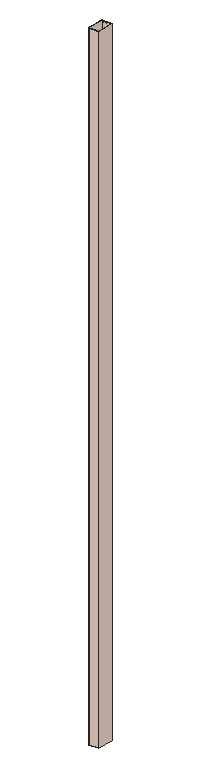
Revit family "SQ-BAR4575", category 機械設備, Revit 2020
Family settings
  丸型コネクタ寸法 = 直径を使用
  種別 = なし
  パーツ タイプ = 標準
  作業面ベース = いいえ
  常に垂直 = はい
  ロード時にボイドで切り取り = いいえ
  共有 = いいえ
  部屋計算ポイント = いいえ
Parameters
  製造元 = "株式会社桐井製作所"
  既定の高さ = 0 mm
  URL = "https://www.kirii.co.jp/"
  K_長さ(mm) [instance] = 3000 mm
  K_材質 = "SGCC　一般用"
  K_断面積A(mm2) = 111.1
  K_断面係数Zy(mm3) = 1747
  K_断面係数Zx(mm3) = 2229
  K_断面2次半径iy(mm) = 19.3
  K_断面2次半径ix(mm) = 27.4
  K_断面2次モーメントIy(mm4) = 41560
  K_断面2次モーメントIx(mm4) = 83590
  K_外形寸法(mm) = "□45×75"
  K_品名 = "SQ-BAR4575"
  K_名称 = "角型スタッド"
  K_単位質量(kg/m) = 0.903
  K_ヤング係数E(N/mm2) = 205000
  K_バージョン情報 = "20210524"
  K_めっき付着量 = "Z08"
  K_JIS規格 = "JIS G 3302"
Reference planes
  plane 1 "中心(正面/背面)": y = 0
  plane 2: z = 0
  plane 3 "中心(左/右)": x = 0
  plane 4: x = 22.5
  plane 5: x = -22.5
  plane 6: y = 37.5
  plane 7: z = 3000
  plane 8: y = -37.5
Forms (mm)
  Extrusion 1, solid
    sketch origin (0.5, -20, 0) x (1, 0, 0) y (0, 1, 0)
      loop
        line (-23, 57.5) -> (-23, -17.5) -> (22, -17.5) -> (22, 57.5) -> (-23, 57.5)
      loop
        line (-22.5, 57) -> (-22.5, -17) -> (21.5, -17) -> (21.5, 57) -> (-22.5, 57)
    from 0 to 3000
Dimensions and locks
  locked: Extrusion 1 sketch curve to Extrusion 1 sketch curve at 0.5  (x4)
  "K_長さ(mm)": plane 7 to level
  aligned and locked: level to plane 2
  aligned and locked: Extrusion 1 sketch curve to plane 6
  aligned and locked: plane 7 to Extrusion 1
  aligned and locked: plane 6 to Extrusion 1
  aligned and locked: Extrusion 1 to plane 8
  aligned and locked: Extrusion 1 to plane 5
  aligned and locked: plane 4 to Extrusion 1
Automatic sketch dimensions
  Extrusion 1 sketch curve to plane 4 = 0.5 mm
  plane 5 to Extrusion 1 sketch curve = 0.5 mm
  plane 1 "中心(正面/背面)" to Extrusion 1 sketch curve = 37 mm
